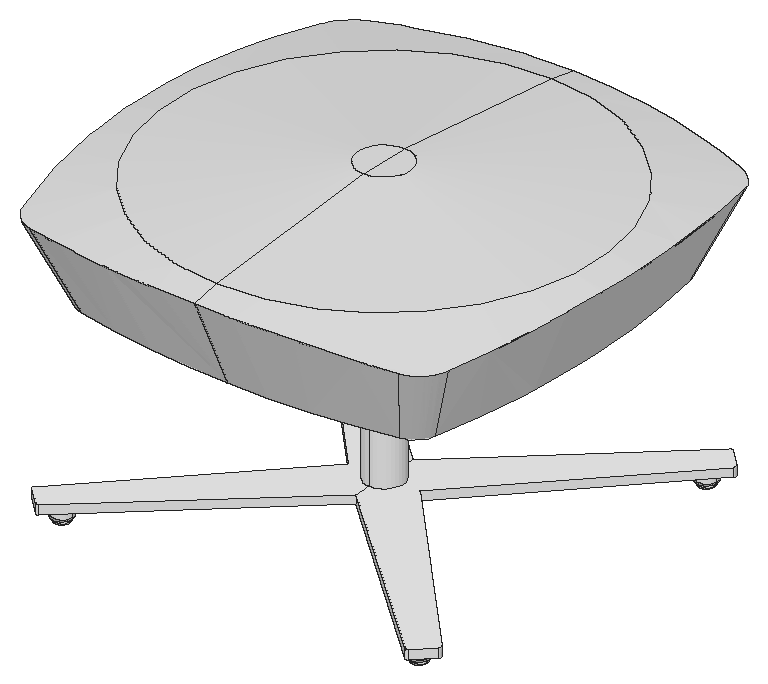
Revit family "Elan_Bing_Ottoman", category Furniture, Revit 2012
Parameters
  Width = 2' - 0"
  URL = "http://elanbydecca.com"
  Product URL = "http://elanbydecca.com/PDFs/PriceList/Bing%20Price%20List.pdf"
  Model = "FT OT100"
  Manufacturer = "Decca Elan"
  Height = 1' - 2"
  Description = "Bing Ottoman, Star Base"
  Upholstery [instance] = Furniture - DECCA (Elan) - Bing - Upholstery
  Depth = 2' - 0"
  Base [instance] = Furniture - DECCA (Elan) - Bing - Base
  Assembly Description = "Furniture & Accessories"
  Assembly Code = "E2020200"
Reference planes (in)
  plane 1: z = 0
  plane 2 "Center Left/Right": x = 0
  plane 3: through (-6.25338, 2.33237, 23.38953) normal (0.4297, -0.4297, 0.7941)
  plane 4: z = 14
  plane 5: y = -0.1481
  plane 6: y = -12.1481
  plane 7: y = 11.8519
  plane 8: x = -12
  plane 9: x = 12
  plane 10: z = 14.75
Forms (in)
  Revolve 1, solid, material "Furniture - DECCA (Elan) - Bing - Base" <- "Base"
    sketch origin (0, 0, 0) x (0, 1, 0) y (0, 0, 1)
      loop
        line (-0.1481, 9.3042) -> (-0.1481, 0.67354) -> (17.6019, 0.67354) -> (17.6019, 1.09466) -> (0.74964, 1.09466) -> (0.74964, 9.0542) -> (3.86995, 9.0542) -> (3.86995, 9.3042) -> (-0.1481, 9.3042)
      axis (-0.1481, 0.67354) -> (-0.1481, 9.3042)
    angle from 0 to 360
  Extrusion 2, void
    sketch origin (0, 0, 6.42354) x (0, 1, 0) y (-1, 0, 0)
      loop
        line (-0.1481, 1.69388) -> (-8.97182, 9.84142)
        arc (-8.97182, 9.84142) -> (-9.05911, 9.87455) -> (-9.14501, 9.83797) r 0.125
        line (-9.14501, 9.83797) -> (-9.96491, 9.01807)
        arc (-9.96491, 9.01807) -> (-10.00149, 8.93244) -> (-9.96872, 8.84528) r 0.125
        line (-9.96872, 8.84528) -> (-1.87084, 0) -> (-9.96872, -8.84528)
        arc (-9.96872, -8.84528) -> (-10.00149, -8.93244) -> (-9.96491, -9.01807) r 0.125
        line (-9.96491, -9.01807) -> (-9.14501, -9.83797)
        arc (-9.14501, -9.83797) -> (-9.05911, -9.87455) -> (-8.97182, -9.84142) r 0.125
        line (-8.97182, -9.84142) -> (-0.1481, -1.69388) -> (8.67562, -9.84142)
        arc (8.67562, -9.84142) -> (8.76291, -9.87455) -> (8.84881, -9.83797) r 0.125
        line (8.84881, -9.83797) -> (9.6687, -9.01807)
        arc (9.6687, -9.01807) -> (9.70528, -8.93244) -> (9.67251, -8.84528) r 0.125
        line (9.67251, -8.84528) -> (1.57463, 0) -> (9.67251, 8.84528)
        arc (9.67251, 8.84528) -> (9.70528, 8.93244) -> (9.6687, 9.01807) r 0.125
        line (9.6687, 9.01807) -> (8.84881, 9.83797)
        arc (8.84881, 9.83797) -> (8.76291, 9.87455) -> (8.67562, 9.84142) r 0.125
        line (8.67562, 9.84142) -> (-0.1481, 1.69388)
      loop
        circle (-0.1481, 0) r 20.66745
    from -6.42354 to -4.42288
  Revolve 3, solid, material "Furniture - DECCA (Elan) - Bing - Base" <- "Base"
    sketch origin (2.15906, 8.5366, 0) x (1, 0, 0) y (0, 0, 1)
      loop
        line (-10.80197, 0) -> (-10.80197, 0.67354) -> (-11.30978, 0.67354) -> (-11.30978, 0.29061)
        arc (-11.30978, 0.29061) -> (-11.28232, 0.22431) -> (-11.21603, 0.19686) r 0.09375
        line (-11.21603, 0.19686) -> (-11.185, 0.19686) -> (-11.185, 0.0625)
        arc (-11.185, 0.0625) -> (-11.1667, 0.01831) -> (-11.1225, 0) r 0.0625
        line (-11.1225, 0) -> (-10.80197, 0)
      axis (-10.80197, 0.67354) -> (-10.80197, 0)
    angle from 0 to 360
  Revolve 4, solid, material "Furniture - DECCA (Elan) - Bing - Base" <- "Base"
    sketch origin (-2.15906, 8.5366, 0) x (-1, 0, 0) y (0, 0, -1)
      loop
        line (-10.80197, 0) -> (-11.1225, 0)
        arc (-11.1225, 0) -> (-11.1667, -0.01831) -> (-11.185, -0.0625) r 0.0625
        line (-11.185, -0.0625) -> (-11.185, -0.19686) -> (-11.21603, -0.19686)
        arc (-11.21603, -0.19686) -> (-11.28232, -0.22431) -> (-11.30978, -0.29061) r 0.09375
        line (-11.30978, -0.29061) -> (-11.30978, -0.67354) -> (-10.80197, -0.67354) -> (-10.80197, 0)
      axis (-10.80197, -0.67354) -> (-10.80197, 0)
    angle from 0 to 360
  Revolve 5, solid, material "Furniture - DECCA (Elan) - Bing - Base" <- "Base"
    sketch origin (2.15906, -8.83281, 0) x (1, 0, 0) y (0, 0, -1)
      loop
        line (-10.80197, 0) -> (-11.1225, 0)
        arc (-11.1225, 0) -> (-11.1667, -0.01831) -> (-11.185, -0.0625) r 0.0625
        line (-11.185, -0.0625) -> (-11.185, -0.19686) -> (-11.21603, -0.19686)
        arc (-11.21603, -0.19686) -> (-11.28232, -0.22431) -> (-11.30978, -0.29061) r 0.09375
        line (-11.30978, -0.29061) -> (-11.30978, -0.67354) -> (-10.80197, -0.67354) -> (-10.80197, 0)
      axis (-10.80197, -0.67354) -> (-10.80197, 0)
    angle from 0 to 360
  Revolve 6, solid, material "Furniture - DECCA (Elan) - Bing - Base" <- "Base"
    sketch origin (-2.15906, -8.83281, 0) x (-1, 0, 0) y (0, 0, 1)
      loop
        line (-10.80197, 0) -> (-10.80197, 0.67354) -> (-11.30978, 0.67354) -> (-11.30978, 0.29061)
        arc (-11.30978, 0.29061) -> (-11.28232, 0.22431) -> (-11.21603, 0.19686) r 0.09375
        line (-11.21603, 0.19686) -> (-11.185, 0.19686) -> (-11.185, 0.0625)
        arc (-11.185, 0.0625) -> (-11.1667, 0.01831) -> (-11.1225, 0) r 0.0625
        line (-11.1225, 0) -> (-10.80197, 0)
      axis (-10.80197, 0.67354) -> (-10.80197, 0)
    angle from 0 to 360
  Revolve 7, solid, material "Furniture - DECCA (Elan) - Bing - Upholstery" <- "Upholstery"
    sketch origin (0, 0, 0) x (0, 1, 0) y (0, 0, 1)
      loop
        line (-0.1481, 14.7799) -> (-0.1481, 9.3042) -> (33.06405, 9.3042) -> (9.97863, 13.90308)
        arc (9.97863, 13.90308) -> (5.55548, 14.56016) -> (1.08919, 14.7799) r 45.5
        line (1.08919, 14.7799) -> (-0.1481, 14.7799)
      axis (-0.1481, 14.7799) -> (-0.1481, 9.3042)
    angle from 0 to 360
  Blend 8, void
    base sketch origin (0, 0, 6.42354) x (0, 1, 0) y (-1, 0, 0)
      loop
        arc (-7.83512, 8.65902) -> (-0.1481, 9.44278) -> (7.53891, 8.65902) r 38.08858
        arc (7.53891, 8.65902) -> (8.17052, 8.31862) -> (8.51091, 7.68701) r 1.25
        arc (8.51091, 7.68701) -> (9.09823, 3.86343) -> (9.29467, 0) r 38.08858
        line (9.29467, 0) -> (37.29467, 0) -> (37.29467, 35.25) -> (-37.59088, 35.25) -> (-37.59088, 0) -> (-9.59088, 0)
        arc (-9.59088, 0) -> (-9.39443, 3.86343) -> (-8.80712, 7.68701) r 38.08858
        arc (-8.80712, 7.68701) -> (-8.46673, 8.31862) -> (-7.83512, 8.65902) r 1.25
    top sketch origin (0, 0, 6.42354) x (0, 1, 0) y (-1, 0, 0)
      loop
        arc (-12.14947, 0) -> (-11.87224, 4.73923) -> (-11.04434, 9.41381) r 40.64717
        arc (-11.04434, 9.41381) -> (-10.51293, 10.36483) -> (-9.56191, 10.89624) r 2
        arc (-9.56191, 10.89624) -> (-0.1481, 12.00137) -> (9.26571, 10.89624) r 40.64717
        arc (9.26571, 10.89624) -> (10.21672, 10.36483) -> (10.74813, 9.41381) r 2
        arc (10.74813, 9.41381) -> (11.57604, 4.73923) -> (11.85327, 0) r 40.64717
        line (11.85327, 0) -> (37.29467, 0) -> (37.29467, 35.25) -> (-37.59088, 35.25) -> (-37.59088, 0) -> (-12.14947, 0)
    from 2.88066 to 8.32646
  Blend 9, void
    base sketch origin (0, 0, 6.42354) x (0, 1, 0) y (-1, 0, 0)
      loop
        arc (-7.83512, -8.65902) -> (-8.46673, -8.31862) -> (-8.80712, -7.68701) r 1.25
        arc (-8.80712, -7.68701) -> (-9.39443, -3.86343) -> (-9.59088, 0) r 38.08858
        line (-9.59088, 0) -> (-37.59088, 0) -> (-37.59088, -35.25) -> (37.29467, -35.25) -> (37.29467, 0) -> (9.29467, 0)
        arc (9.29467, 0) -> (9.09823, -3.86343) -> (8.51091, -7.68701) r 38.08858
        arc (8.51091, -7.68701) -> (8.17052, -8.31862) -> (7.53891, -8.65902) r 1.25
        arc (7.53891, -8.65902) -> (-0.1481, -9.44278) -> (-7.83512, -8.65902) r 38.08858
    top sketch origin (0, 0, 6.42354) x (0, 1, 0) y (-1, 0, 0)
      loop
        line (-12.14947, 0) -> (-37.59088, 0) -> (-37.59088, -35.25) -> (37.29467, -35.25) -> (37.29467, 0) -> (11.85327, 0)
        arc (11.85327, 0) -> (11.57604, -4.73923) -> (10.74813, -9.41381) r 40.64717
        arc (10.74813, -9.41381) -> (10.21672, -10.36483) -> (9.26571, -10.89624) r 2
        arc (9.26571, -10.89624) -> (-0.1481, -12.00137) -> (-9.56191, -10.89624) r 40.64717
        arc (-9.56191, -10.89624) -> (-10.51293, -10.36483) -> (-11.04434, -9.41381) r 2
        arc (-11.04434, -9.41381) -> (-11.87224, -4.73923) -> (-12.14947, 0) r 40.64717
    from 2.88066 to 8.32646
Cuts and joins
  Extrusion 2 cuts Revolve 1
  Blend 8, Blend 9 cuts Revolve 7
Dimensions and locks (in)
  plane 4 to level = 1' - 2"
